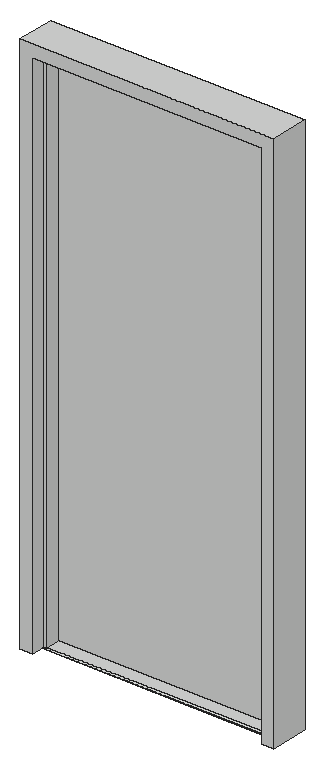
Revit family "SteelBulletResistantDoor_AMBICO_Single", category Doors, host Wall, Revit 2026
Family settings
  Host = Wall
  Classification Number = 23.30.10.11.11
  Always vertical = Yes
  Cut with Voids When Loaded = No
  Shared = No
  Room Calculation Point = No
Parameters (values of type "3' x 7'")
  z_Door Side Gap = 0' - 0 1/8"
  ZWidth = if(Width > Maximum Width, Maximum Width, if(Width < Minimum Width, Minimum Width, Width))  # 3' - 0"
  ZHeight = if(Height > Maximum Height, Maximum Height, if(Height < Minimum Height, Minimum Height, Height))  # 7' - 0"
  Warranty = "Five (5) years from date of supply, covering material and workmanship."  # constant formula
  Version = 2  # constant formula
  URL = "https://www.ambico.com/"
  Thickness = 0' - 1 3/4"  # constant formula
  Rough Width = Width + (Frame Width * 2)  # 3' - 4"
  Rough Height = Height + Frame Width  # 7' - 2"
  Product data url = ""
  Product Page URL = "https://www.ambico.com/acoustic-steel-doors-and-frames/"
  Product Material = AMBICO - Steel -  Galvanized - ASTM A653/A653M,ZF75(A25)
  Panel Material = AMBICO - Steel -  Galvanized - ASTM A653/A653M,ZF75(A25)
  Operation = "Swing"  # constant formula
  Model = "AMBICO - Steel Tornado Single"  # constant formula
  Minimum Width = 2' - 6"  # constant formula
  Minimum Height = 5' - 0"  # constant formula
  Maximum Width = 4' - 8"  # constant formula
  Maximum Height = 8' - 0"  # constant formula
  Manufacturer = "AMBICO"  # constant formula
  Function = Interior
  Height = 7' - 0"
  Wall Closure = By host
  Width = 3' - 0"
  Frame Width = 0' - 2"  # constant formula
  FireRating [instance] = ""
  Fire Rating = "45, 90, 180"
  Description = "AMBICO - Steel Tornado Single"  # constant formula
  Define Thermal Properties by = Schematic Type
  Date Updated = "2026/01/06"  # constant formula
  Date Created = "2023/08/02"  # constant formula
  BulletRating [instance] = ""
  Analytic Construction = "<None>"
  AcousticRating [instance] = 0
Reference planes (in)
  plane 1 "Center (Front/Back)": y = 0
  plane 2 "Center (Left/Right)": x = 0
  plane 3 "Left": x = -20
  plane 4 "Right": x = 20
  plane 5 "Top": z = 86.01953
  plane 6 "Exterior": y = 3
  plane 7 "Interior": y = -3
  plane 8: z = 84.01953
  plane 9: y = 2.5
  plane 10: y = -2.5
  plane 11: y = 1.0625
  plane 12: y = -1.0625
  plane 13: z = 83.39453
  plane 14: z = 85.96094
  plane 15: y = 2.94141
  plane 16: z = 84.07813
  plane 17: y = 1.00391
  plane 18: z = 83.45313
  plane 19: y = -1.00391
  plane 20: y = -2.94141
  plane 21: x = 18
  plane 22: x = -18
  plane 23: z = 84
  plane 24: y = 1.25
  plane 25: y = 39
  plane 26: x = -16.125
  plane 27: y = 39.125
  plane 28: z = 0.24937
  plane 29: y = 3.125
  plane 30: x = -17.875
  plane 31: x = 17.875
Forms (in)
  Sweep 1, solid, material "AMBICO - Steel -  Galvanized - ASTM A653/A653M,ZF75(A25)" <- "Product Material"
    path origin (0, 0, 0) x (1, 0, 0) y (0, 0, 1)
      loop
        line (-20, 0) -> (-20, 86.01953) -> (20, 86.01953) -> (20, 0)
    profile origin (0, 0, 86.01953) x (0, 0, -1) y (0, -1, 0)
      loop
        line (0, -3) -> (2, -3) -> (2, -1.0625) -> (2.625, -1.0625) -> (2.625, 1.0625) -> (2, 1.0625) -> (2, 3) -> (0, 3) -> (0, -3)
  Extrusion 2, solid, material "AMBICO - Steel -  Galvanized - ASTM A653/A653M,ZF75(A25)" <- "Panel Material"
    sketch origin (0, 0, 0) x (1, 0, 0) y (0, 0, 1)
      loop
        line (-17.875, 0.24937) -> (17.875, 0.24937) -> (17.875, 84) -> (-17.875, 84) -> (-17.875, 0.24937)
    from -3 to -1.25
  Sweep 3, solid, material "AMBICO - Steel -  Galvanized - ASTM A653/A653M,ZF75(A25)" <- "Product Material"
    path origin (0, 3, 0) x (1, 0, 0) y (0, 0, 1)
      loop
        line (18, 0) -> (-18, 0)
    profile "Threshold Profiles : Family5" origin (0, 3, 0) x (0, 0, -1) y (0, -1, 0)
      loop
        line (-0.14027, 1.71883) -> (-0.07793, 1.71883) -> (-0.07793, 1.78117) -> (-0.14027, 1.78117) -> (-0.14027, 3.93203) -> (-0.1091, 4.00996) -> (-0.1091, 3.86969) -> (0, 3.86969) -> (0, 4.24375) -> (-0.12469, 4.24375) -> (-0.24937, 3.93203) -> (-0.24937, -0.43203) -> (-0.12469, -0.74375) -> (0, -0.74375) -> (0, -0.36969) -> (-0.1091, -0.36969) -> (-0.1091, -0.50996) -> (-0.14027, -0.43203) -> (-0.14027, 1.71883)
Lines and regions (in)
  Opening 1
    outline origin (-90, -3, 0) x (1, 0, 0) y (0, 0, 1)
      loop
        line (70, 0) -> (110, 0) -> (110, 86.01953) -> (70, 86.01953) -> (70, 0)
  Masking region 1
    outline origin (0, 0, 0) x (1, 0, 0) y (0, 1, 0)
      loop
        line (-20, -3) -> (-18, -3) -> (-18, -1.0625) -> (-17.375, -1.0625) -> (-17.375, 1.0625) -> (-18, 1.0625) -> (-18, 3) -> (-20, 3) -> (-20, -3)
  Masking region 2
    outline origin (0, 0, 0) x (1, 0, 0) y (0, 1, 0)
      loop
        line (20, -3) -> (20, 3) -> (18, 3) -> (18, 1.0625) -> (17.375, 1.0625) -> (17.375, -1.0625) -> (18, -1.0625) -> (18, -3) -> (20, -3)
  symbolic lines, style "Doors"
    curve 1: line (-17.875, 39.125, 0) -> (-16.125, 39.125, 0)
    curve 2: line (-16.125, 3.125, 0) -> (-16.125, 39.125, 0)
    curve 3: line (-17.875, 3.125, 0) -> (-17.875, 39.125, 0)
    curve 4: line (-17.875, 3.125, 0) -> (-16.125, 3.125, 0)
  symbolic lines
    curve 5: circle (-18, 3.125, 0) r 0.125 normal (0, 0, 1)
  symbolic lines, style "Elevation Swing"
    curve 6: arc (17.875, 3, 0) -> (7.41161, 28.32322, 0) -> (-17.875, 38.87478, 0) r 35.875
Text (in)
  text "Exterior" at (-74.96733, 27.31104, 0), in view "Ref. Level"
  text "Interior" at (-74.96733, -25.14366, 0), in view "Ref. Level"
  text "Exterior" at (0, 40.15149, 123.01588), in view "Right"
  text "Interior" at (0, -64.39139, 123.01588), in view "Right"
  text "Interior" at (0, -31.01599, 123.00693), in view "Left"
  text "Exterior" at (0, 54.57065, 123.00693), in view "Left"
Dimensions and locks (in)
  equal spacing: plane 3 "Left", plane 2 "Center (Left/Right)", plane 4 "Right"
  "ZHeight": level to plane 23
  locked: plane 6 "Exterior" to plane 9 at 0.5
  locked: plane 10 to plane 7 "Interior" at 0.5
  locked: plane 6 "Exterior" to plane 11 at 1.9375
  locked: plane 12 to plane 7 "Interior" at 1.9375
  locked: plane 8 to plane 5 "Top" at 2
  locked: plane 8 to plane 13 at 0.625
  locked: plane 6 "Exterior" to plane 15 at 0.05859
  locked: plane 20 to plane 7 "Interior" at 0.05859
  locked: plane 14 to plane 5 "Top" at 0.05859
  locked: plane 16 to plane 8 at 0.05859
  locked: plane 11 to plane 17 at 0.05859
  locked: plane 19 to plane 12 at 0.05859
  locked: plane 18 to plane 13 at 0.05859
  locked: plane 21 to plane 4 "Right" at 2
  locked: plane 3 "Left" to plane 22 at 2
  "ZWidth": plane 22 to plane 21
  locked: plane 8 to plane 23 at 0.01953
  "Thickness": plane 24 to plane 6 "Exterior"
  "Width": plane 6 "Exterior" to plane 25
  "z_Door Side Gap": plane 27 to plane 25
  locked: level to plane 28 at 0.24937
  "z_Door Side Gap": plane 6 "Exterior" to plane 29
  "z_Door Side Gap": plane 22 to plane 30
  "z_Door Side Gap": plane 31 to plane 21
  plane 30 to plane 26 = 0' - 1 3/4"
  aligned and locked: plane 3 "Left" to Opening 1 sketch curve
  aligned and locked: plane 5 "Top" to Opening 1 sketch curve  (x2)
  aligned and locked: Opening 1 sketch curve to plane 4 "Right"
  aligned and locked: Opening 1 sketch curve to level
  aligned and locked: plane 6 "Exterior" to host wall
  aligned and locked: plane 7 "Interior" to host wall
  aligned and locked: Sweep 1 sketch curve to plane 3 "Left"
  aligned and locked: Sweep 1 sketch curve to plane 4 "Right"
  aligned and locked: Sweep 1 sketch curve to plane 5 "Top"  (x2)
  aligned and locked: level to Sweep 1 sketch curve  (x2)
  aligned and locked: Sweep 1 sketch curve to plane 6 "Exterior"
  aligned and locked: Sweep 1 sketch curve to plane 7 "Interior"
  aligned and locked: Sweep 1 sketch curve to plane 8
  aligned and locked: Sweep 1 sketch curve to plane 11
  aligned and locked: Sweep 1 sketch curve to plane 13
  aligned and locked: Sweep 1 sketch curve to plane 12
  aligned and locked: Extrusion 2 sketch curve to plane 23
  aligned and locked: Extrusion 2 to plane 6 "Exterior"
  aligned and locked: plane 24 to Extrusion 2
  aligned and locked: curve 2 to plane 26
  aligned and locked: plane 28 to Extrusion 2 sketch curve
  aligned and locked: curve 4 to plane 29
  aligned and locked: curve 3 to plane 30
  aligned and locked: plane 30 to Extrusion 2
  aligned and locked: Extrusion 2 to plane 31
  aligned and locked: curve 1 to plane 27
  aligned and locked: Masking region 1 sketch curve to plane 3 "Left"
  aligned and locked: Sweep 1 to Masking region 1 sketch curve
  aligned and locked: Masking region 1 sketch curve to Sweep 1  (x2)
  aligned and locked: Masking region 1 sketch curve to plane 22
  aligned and locked: Masking region 1 sketch curve to plane 7 "Interior"
  aligned and locked: Masking region 1 sketch curve to plane 6 "Exterior"
  aligned and locked: Masking region 2 sketch curve to plane 4 "Right"
  aligned and locked: Masking region 2 sketch curve to plane 21
  aligned and locked: Masking region 2 sketch curve to Sweep 1  (x2)
  aligned and locked: Sweep 1 to Masking region 2 sketch curve
  aligned and locked: Masking region 2 sketch curve to plane 7 "Interior"
  aligned and locked: Masking region 2 sketch curve to plane 6 "Exterior"
  aligned and locked: plane 21 to Sweep 3 sketch curve
  aligned and locked: plane 22 to Sweep 3 sketch curve
Automatic sketch dimensions
  Sweep 1 sketch curve to Sweep 1 sketch curve = 0' - 0"
  Extrusion 2 sketch curve to plane 22 = 0' - 0 1/8"
  plane 21 to Extrusion 2 sketch curve = 0' - 0 1/8"
  curve 6 to host wall = 0' - 0"
  curve 6 to plane 22 = 0' - 0"
  curve 5 to plane 22 = 0' - 0"
  curve 6 to plane 31 = 0' - 0"
  curve 5 to plane 29 = 0' - 0"
  Masking region 1 sketch curve to plane 22 = 0' - 0"
  Masking region 2 sketch curve to plane 21 = 0' - 0"
  Sweep 3 sketch curve to level = 0' - 0"
